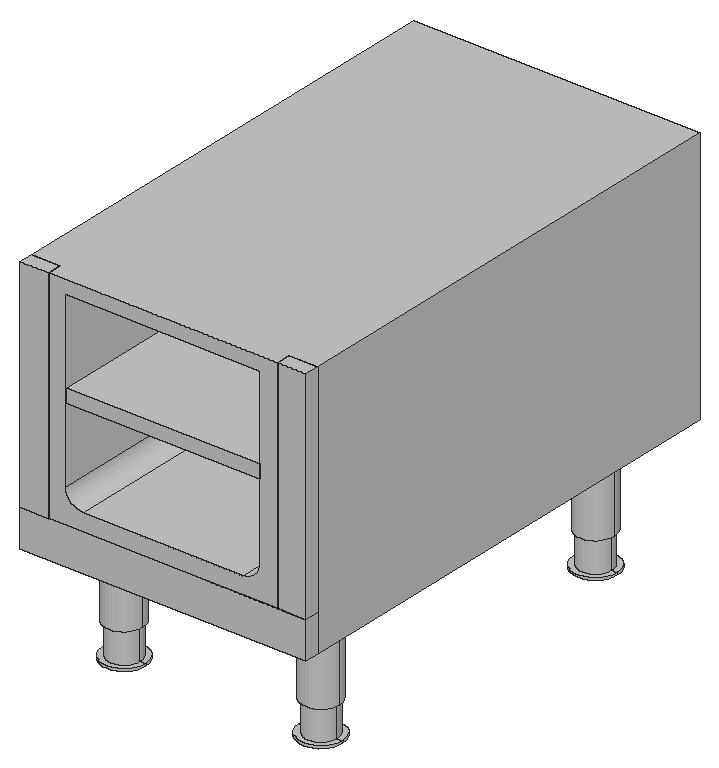
Revit family "QF_ELECTROLUXPROFESSIONAL_589805_MC1HCAEOOM", category Attrezzature speciali, Revit 2021
Family settings
  Quota connettore circolare = Usa diametro
  Tipo di parte = Normale
  Basato su piano di lavoro = No
  Sempre verticale = Sì
  Taglio con vuoti quando caricato = No
  Condiviso = No
  Punto di calcolo locali = No
Parameters (values of type "Standard")
  Weight = 19.00 kg
  Watts = 0 W
  Volts = 0 V
  URL Manufacturer = "https://www.electroluxprofessional.com/"
  URL = "https://www.electroluxprofessional.com/"
  Steam Supply Size = 0"
  Steam Supply Minimum Pressure = 0.00 psi
  Steam Supply Maximum Pressure = 0.00 psi
  Steam Consumption per Hour = 0
  Refrigeration Suction Line Size = 0 mm
  Refrigeration Liquid Line Size = 0 mm
  Refrigerant Compressor Remote = yes
  Prospetto di default = 0 mm
  Phase = 0
  Modello = "MC1HCAEOOM"
  Produttore = "Electrolux Professional"
  Length Actual = 500 mm  # constant formula
  Item Number = "589805"
  Hot Water Size = 0"
  Height Actual = 450 mm  # constant formula
  HP = "0 HP"
  Gas Size = 0"
  Gas KW = 0
  Gas Input Pressure = 0.0 Btu/h
  Direct Waste Size = 0"
  Descrizione = "OPEN BASE,H3,GN,1S,500X900X450 MARINE"
  Depth Actual = 900 mm  # constant formula
  Cycle = 0 Hz
  Condensate Return Size = 0"
  Compressed Air Volume = 0 GPM
  Compressed Air Size = 0"
  Compressed Air Pressure = 0.00 psi
  Cold Water Size = 0"
  Accessory = yes
Reference planes
  plane 1 "BACK": y = 0
  plane 2: z = 0
  plane 3 "LEFT": x = 0
  plane 4 "RIGHT": x = 500
  plane 5 "FRONT": y = -900
  plane 6 "PLAIN": z = 900
  plane 7 "Center (Left/Right)": x = 250
  plane 8 "Center (Front/Back)": y = -450
  plane 9 "TOP": z = 650
  plane 10 "BASE": z = 200
  plane 11: x = 422
  plane 12: x = 78
  plane 13 "Feet_back": y = -150
  plane 14 "Feet_Front": y = -770
  plane 15: x = 50
  plane 16: x = 450
  plane 17: z = 265
  plane 18: y = -20
  plane 19: y = -855
  plane 20: y = -45
  plane 21: y = -880
Forms (mm)
  Extrusion 1, solid, material "QF_Finishes_Stainless Steel"
    sketch origin (0, 0, 650) x (0, 1, 0) y (0, 0, 1)
      loop
        line (-20, -450) -> (-20, 0) -> (-855, 0) -> (-855, -450) -> (-20, -450)
    from 0 to 500
  Extrusion 2, solid, material "QF_Finishes_Stainless Steel"
    sketch origin (0, 0, 650) x (0, 1, 0) y (0, 0, 1)
      loop
        line (-880, -450) -> (-855, -450) -> (-855, -385) -> (-880, -385) -> (-880, -450)
    from 0 to 500
  Extrusion 3, void
    sketch origin (0, -900, 0) x (1, 0, 0) y (0, 0, 1)
      loop
        line (50, 650) -> (50, 265) -> (450, 265) -> (450, 650) -> (50, 650)
    from 0 to -855
  Extrusion 4, solid, material "QF_Finishes_Stainless Steel"
    sketch origin (0, -900, 0) x (1, 0, 0) y (0, 0, 1)
      loop
        line (80, 650) -> (80, 627) -> (420, 627) -> (420, 650) -> (80, 650)
    from -20 to -880
  Extrusion 5, solid, material "QF_Finishes_Stainless Steel"
    sketch origin (0, -900, 0) x (1, 0, 0) y (0, 0, 1)
      loop
        line (50, 650) -> (50, 265) -> (450, 265) -> (450, 650) -> (420, 650) -> (420, 325)
        arc (420, 325) -> (411.213, 303.787) -> (390, 295) r 30
        line (390, 295) -> (110, 295)
        arc (110, 295) -> (88.787, 303.787) -> (80, 325) r 30
        line (80, 325) -> (80, 650) -> (50, 650)
    from -20 to -855
  Extrusion 6, solid, material "QF_Finishes_Stainless Steel"
    sketch origin (0, -900, 0) x (1, 0, 0) y (0, 0, 1)
      loop
        line (0, 650) -> (0, 265) -> (50, 265) -> (50, 650) -> (0, 650)
    from -20 to -45
  Extrusion 7, solid, material "QF_Finishes_Stainless Steel"
    sketch origin (0, -900, 0) x (1, 0, 0) y (0, 0, 1)
      loop
        line (450, 650) -> (450, 265) -> (500, 265) -> (500, 650) -> (450, 650)
    from -20 to -45
  Extrusion 8, solid, material "QF_Finishes_Stainless Steel"
    sketch origin (0, -900, -170) x (1, 0, 0) y (0, 0, 1)
      loop
        line (80, 650) -> (80, 627) -> (420, 627) -> (420, 650) -> (80, 650)
    from -20 to -855
Cuts and joins
  Extrusion 3 cuts Extrusion 1
  joined: Extrusion 1, Extrusion 4, Extrusion 5
Lines and regions (mm)
  symbolic lines, style "SpecialityEquipmentHiddenLines"
    curve 1: line (0, 0, 0) -> (500, 0, 0)
    curve 2: line (0, -900, 0) -> (0, 0, 0)
    curve 3: line (500, -900, 0) -> (0, -900, 0)
    curve 4: line (500, 0, 0) -> (500, -900, 0)
Dimensions and locks
  plane 3 "LEFT" to plane 4 "RIGHT" = 500 mm
  plane 5 "FRONT" to plane 1 "BACK" = 900 mm
  equal spacing: plane 3 "LEFT", plane 7 "Center (Left/Right)", plane 4 "RIGHT"
  equal spacing: plane 5 "FRONT", plane 8 "Center (Front/Back)", plane 1 "BACK"
  plane 6 "PLAIN" to plane 9 "TOP" = 250 mm
  plane 10 "BASE" to level = 200 mm
  plane 9 "TOP" to plane 10 "BASE" = 450 mm
  locked: plane 1 "BACK" to plane 13 "Feet_back" at 150
  locked: plane 12 to plane 3 "LEFT" at 78
  locked: plane 11 to plane 4 "RIGHT" at 78
  plane 16 to plane 15 = 400 mm
  equal spacing: plane 16, plane 7 "Center (Left/Right)", plane 15
  locked: plane 17 to plane 10 "BASE" at 65
  locked: plane 1 "BACK" to plane 18 at 20
  plane 9 "TOP" to Extrusion 4 sketch curve = 23 mm
  locked: Extrusion 4 sketch curve to plane 15 at 30
  locked: plane 16 to Extrusion 4 sketch curve at 30
  locked: Extrusion 5 sketch curve to plane 17 at 30
  plane 6 "PLAIN" to level = 900 mm
  Extrusion 5 to Extrusion 5 = 340 mm
  locked: plane 18 to plane 20 at 25
  locked: plane 21 to plane 5 "FRONT" at 20
  locked: plane 19 to plane 21 at 25
  plane 18 to plane 21 = 860 mm
  aligned and locked: level to plane 2
  aligned and locked: Extrusion 1 to plane 4 "RIGHT"
  aligned and locked: Extrusion 1 to plane 3 "LEFT"
  aligned and locked: Extrusion 2 to plane 4 "RIGHT"
  aligned and locked: plane 9 "TOP" to Extrusion 3 sketch curve
  aligned and locked: Extrusion 3 sketch curve to plane 15
  aligned and locked: plane 16 to Extrusion 3 sketch curve
  aligned and locked: Extrusion 2 to plane 10 "BASE"
  aligned and locked: Extrusion 2 to plane 17
  aligned and locked: plane 17 to Extrusion 3 sketch curve
  aligned and locked: Extrusion 4 to plane 18
  aligned and locked: Extrusion 5 sketch curve to plane 15
  aligned and locked: plane 16 to Extrusion 5 sketch curve
  aligned and locked: plane 9 "TOP" to Extrusion 5 sketch curve  (x2)
  aligned and locked: plane 17 to Extrusion 5 sketch curve
  aligned and locked: Extrusion 5 sketch curve to Extrusion 4  (x2)
  aligned and locked: Extrusion 6 sketch curve to plane 9 "TOP"
  aligned and locked: plane 3 "LEFT" to Extrusion 6 sketch curve
  aligned and locked: Extrusion 6 sketch curve to plane 17
  aligned and locked: Extrusion 6 sketch curve to plane 15
  aligned and locked: Extrusion 7 sketch curve to plane 9 "TOP"
  aligned and locked: plane 16 to Extrusion 7 sketch curve
  aligned and locked: Extrusion 7 sketch curve to plane 17
  aligned and locked: plane 4 "RIGHT" to Extrusion 7 sketch curve
  aligned and locked: Extrusion 5 to plane 20
  aligned and locked: cut or joined group of Extrusion 1, Extrusion 3, Extrusion 4, Extrusion 5 to plane 20
  aligned and locked: cut or joined group of Extrusion 1, Extrusion 3, Extrusion 4, Extrusion 5 to plane 18
  aligned and locked: Extrusion 6 to plane 19
  aligned and locked: plane 21 to Extrusion 6
  aligned and locked: plane 21 to Extrusion 5
  aligned and locked: plane 21 to Extrusion 7
  aligned and locked: Extrusion 7 to plane 19
  aligned and locked: Extrusion 2 to plane 19
  aligned and locked: plane 21 to Extrusion 2
  aligned and locked: plane 21 to cut or joined group of Extrusion 1, Extrusion 3, Extrusion 4, Extrusion 5
  aligned and locked: Extrusion 8 to plane 20
  aligned and locked: plane 12 to nested 1
  aligned and locked: plane 11 to nested 2
  aligned and locked: plane 13 "Feet_back" to nested 1
  aligned and locked: plane 13 "Feet_back" to nested 2
Automatic sketch dimensions
  curve 3 to plane 3 "LEFT" = 0 mm
  curve 3 to plane 4 "RIGHT" = 0 mm
  plane 5 "FRONT" to curve 3 = 0 mm
  plane 1 "BACK" to curve 2 = 0 mm
  Extrusion 1 sketch curve to plane 10 "BASE" = 0 mm
  Extrusion 1 sketch curve to plane 19 = 0 mm
  Extrusion 1 sketch curve to plane 18 = 0 mm
  Extrusion 1 sketch curve to plane 9 "TOP" = 0 mm
  plane 17 to Extrusion 2 sketch curve = 0 mm
  Extrusion 2 sketch curve to plane 21 = 0 mm
  Extrusion 2 sketch curve to plane 10 "BASE" = 0 mm
  Extrusion 2 sketch curve to plane 19 = 0 mm
  Extrusion 4 sketch curve to plane 9 "TOP" = 0 mm
  Extrusion 5 sketch curve to Extrusion 5 sketch curve = 30 mm  (x2)
  plane 15 to Extrusion 8 sketch curve = 30 mm
  Extrusion 8 sketch curve to plane 16 = 30 mm
  Extrusion 8 sketch curve to plane 9 "TOP" = 193 mm
  Extrusion 8 sketch curve to Extrusion 8 sketch curve = 23 mm
Nested families
  nested 1: "FEET200_MARINE" at (78, -150, 0), type "FEET200_MARINE"
  nested 2: "FEET200_MARINE" at (422, -150, 0), type "FEET200_MARINE"
  nested 3: "FEET200_MARINE" at (78, -750, 0), type "FEET200_MARINE"
  nested 4: "FEET200_MARINE" at (422, -750, 0), type "FEET200_MARINE"
Definition of nested family "FEET200_MARINE"
  Parameters (values of type "FEET200_MARINE")
    Default Elevation = 0 mm
    FEET = 200 mm
  Reference planes
    plane 1 "Center (Front/Back)": y = 0
    plane 2: z = 0
    plane 3 "Center (Left/Right)": x = 0
    plane 4: z = 200
  Forms (mm)
    Revolve 1, solid
      sketch origin (0, 0, 0) x (1, 0, 0) y (0, 0, 1)
        loop
          line (0, 200) -> (-38, 200) -> (-38, 196) -> (-33, 196) -> (-33, 59) -> (-28, 59) -> (-28, 4) -> (-38, 4) -> (-38, 0) -> (0, 0) -> (0, 200)
        axis (0, 0) -> (0, 200)
      angle from 0 to 360
  Lines and regions (mm)
    symbolic lines
      curve 1: line (0, -1.503, 0) -> (0, 1.508, 0)
      curve 2: line (1.561, 0, 0) -> (-1.439, 0, 0)
  Dimensions and locks
    "FEET": plane 4 to plane 2
    aligned and locked: level to plane 2
  Automatic sketch dimensions
    plane 1 "Center (Front/Back)" to curve 2 = 0 mm
    curve 1 to plane 3 "Center (Left/Right)" = 0 mm
    curve 2 to plane 3 "Center (Left/Right)" = 1.439 mm
    plane 3 "Center (Left/Right)" to curve 2 = 1.561 mm
    plane 1 "Center (Front/Back)" to curve 1 = 1.503 mm
    curve 1 to plane 1 "Center (Front/Back)" = 1.508 mm
    Revolve 1 sketch curve to plane 4 = 0 mm
    Revolve 1 sketch curve to level = 0 mm  (x2)
    Revolve 1 sketch curve to plane 3 "Center (Left/Right)" = 0 mm  (x2)
    Revolve 1 sketch curve to plane 3 "Center (Left/Right)" = 28 mm
    Revolve 1 sketch curve to Revolve 1 sketch curve = 5 mm  (x2)
    level to Revolve 1 sketch curve = 4 mm
    Revolve 1 sketch curve to Revolve 1 sketch curve = 10 mm
    Revolve 1 sketch curve to Revolve 1 sketch curve = 55 mm
    plane 4 to Revolve 1 sketch curve = 40 mm
    Revolve 1 sketch curve to plane 4 = 4 mm
